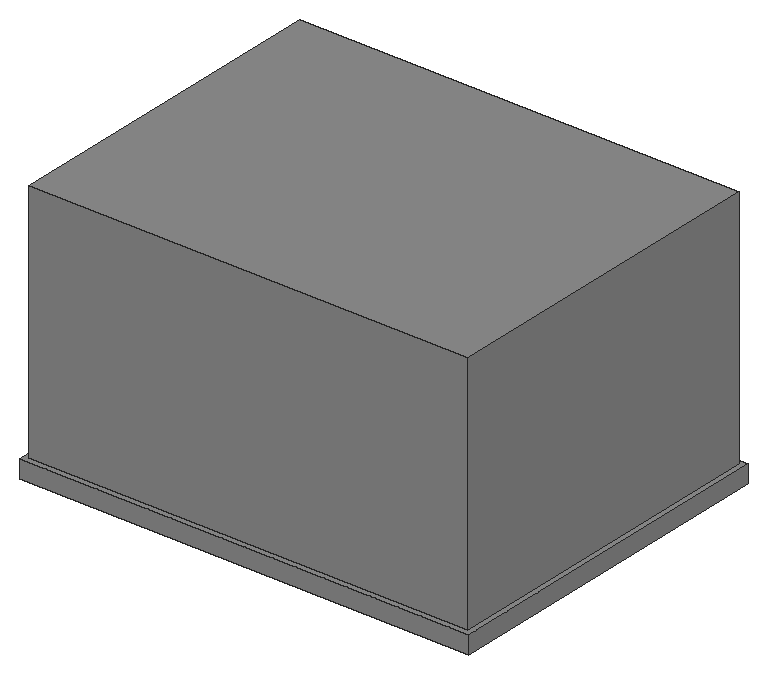
Revit family
Parameters (values of type "38AUD25")
  Wired Condenser Coil Grille [instance] = no
  Width = 5' - 7 1/8"
  Voltage = 0 V
  Version = 1
  Unit Material = Paint - Carrier - American Sterling Gray
  URL = "www.carrier.com"
  Type Comments = "20 Tons Air Cooled Condensing Unit"
  Temperature Control [instance] = no
  Suction Connection Size = 1 3/8"
  Suction Connection Radus = Suction Connection Size / 2  # 11/16"
  Special Coated Coil Protection [instance] = no
  Right Clearance = 3' - 0"
  Programmable Thermostat [instance] = no
  Model = "38AUD25"
  Manufacturer = "Carrier"  # constant formula
  MOCP = 0 A
  MCA = 0 A
  Louvered Hail Guard [instance] = no
  Liquid Connection Size = 1/2"
  Liquid Connection Radius = Liquid Connection Size / 2  # 1/4"
  Length = 7' - 2 3/8"
  Left Clearance = 3' - 0"
  IEER = 11.2
  Height = 4' - 2 3/8"
  Front Clearance = 3' - 6"
  Fan Radius = 1' - 1"
  Fan Centerline from Side = Fan Radius + 0' 4"  # 1' - 5"
  Fan Centerline from Front and Back = Fan Radius + 0' 2"  # 1' - 3"
  EER = 11
  Disconnect Switch [instance] = no
  Disclaimer = "Manufacturer reserves the right to change, at any time, specifications and designs without notice and without obligation.  Please verify critical parameters with local Carrier commercial sales office."  # constant formula
  Convenience Outlet [instance] = no
  Back Clearance = 3' - 0"
  Assembly Code = "D3030"
Reference planes (in)
  plane 1 "Center (Front/Back)": y = 0
  plane 2: z = 0
  plane 3 "Center (Left/Right)": x = 0
  plane 4 "Back Face of Base": y = 33.5625
  plane 5 "Front Face of Base": y = -33.5625
  plane 6 "Left Face of Base": x = -43.1875
  plane 7 "Right Face of Base": x = 43.1875
  plane 8 "Back Clearance Line": y = 69.5625
  plane 9 "Left Clearance Line": x = -79.1875
  plane 10 "Right Clearance Line": x = 79.1875
  plane 11 "Front Clearance Line": y = -75.5625
  plane 12 "Top of Unit": z = 50.375
  plane 13 "Bottom of Unit": z = 0
  plane 14 "Top of Base": z = 3.5
  plane 15 "Back Face of Unit": y = 32.5625
  plane 16 "Front Face of Unit": y = -32.5625
  plane 17 "Left Face of Unit": x = -42.1875
  plane 18 "Right Face of Unit": x = 42.1875
  plane 19 "Rear Fan Centerline": y = 17.5625
  plane 20 "Left Fan Centerline": x = -25.1875
  plane 21 "Right Fan Centerline": x = 25.1875
  plane 22 "Liquid and Section Connections - Front": y = -26.1875
  plane 23 "Suction Connection": z = 11.125
  plane 24 "Liquid Connection": z = 5.875
  plane 25 "Power Entry Centerline - Vertical": z = 29.125
  plane 26 "Convenience Outlet Centerline - Vertical": z = 17
  plane 27 "Power Entry Centerline - Horizontal": y = -28.8125
  plane 28 "Convenience Outlet Centerline - Horizontal": y = -28.0625
  plane 29 "Liquid and Section Connections - Rear": y = -20.0625
  plane 30 "Front Fan Centerline": y = -10.4375
  plane 31 "Fan Area Centerline": y = 3.5625
Forms (in)
  Extrusion 1, solid, material "Paint - Carrier - American Sterling Gray" <- "Unit Material"
    sketch origin (0, 0, 3.5) x (-1, 0, 0) y (0, -1, 0)
      loop
        line (42.1875, 32.5625) -> (-42.1875, 32.5625) -> (-42.1875, -32.5625) -> (42.1875, -32.5625) -> (42.1875, 32.5625)
    from 0 to 46.875
  Extrusion 2, solid, material "Paint - Carrier - American Sterling Gray" <- "Unit Material"
    sketch origin (0, 0, 0) x (-1, 0, 0) y (0, -1, 0)
      loop
        line (43.1875, 33.5625) -> (-43.1875, 33.5625) -> (-43.1875, -33.5625) -> (43.1875, -33.5625) -> (43.1875, 33.5625)
    from 0 to 3.5
  Extrusion 3, void
    sketch origin (-42.1875, 0, 0) x (0, 1, 0) y (0, 0, 1)
      loop
        circle (-28.8125, 29.125) r 0.75
    from 0 to 0.5
  Extrusion 4, solid, material "Paint - Carrier - American Sterling Gray"
    sketch origin (-42.1875, 0, 0) x (0, 1, 0) y (0, 0, 1)
      loop
        line (-26.8125, 15) -> (-26.8125, 19) -> (-29.3125, 19) -> (-29.3125, 15) -> (-26.8125, 15)
    from 0 to -0.0625
  Extrusion 5, solid, material "Paint - Carrier - American Sterling Gray", detail levels fine
    sketch origin (-42.1875, 0, 0) x (0, 1, 0) y (0, 0, 1)
      loop
        circle (-26.1875, 11.125) r 1
    from 0 to 0.5
  Extrusion 6, solid, material "Paint - Carrier - American Sterling Gray", detail levels fine
    sketch origin (-42.1875, 0, 0) x (0, 1, 0) y (0, 0, 1)
      loop
        circle (-20.0625, 11.125) r 1
    from 0 to -0.0625
  Extrusion 7, solid, material "Paint - Carrier - American Sterling Gray", detail levels fine
    sketch origin (-42.1875, 0, 0) x (0, 1, 0) y (0, 0, 1)
      loop
        circle (-20.0625, 5.875) r 0.75
    from 0 to 0.5
  Extrusion 8, solid, material "Paint - Carrier - American Sterling Gray", detail levels fine
    sketch origin (-42.1875, 0, 0) x (0, 1, 0) y (0, 0, 1)
      loop
        circle (-26.1875, 5.875) r 0.75
    from 0 to 0.5
Lines and regions (in)
  symbolic lines, style "Clearance Zones", detail levels fine
    curve 1: line (-79.1875, -75.5625, 0) -> (79.1875, -75.5625, 0)
    curve 2: line (-79.1875, 69.5625, 0) -> (-79.1875, -75.5625, 0)
    curve 3: line (79.1875, 69.5625, 0) -> (-79.1875, 69.5625, 0)
    curve 4: line (79.1875, -75.5625, 0) -> (79.1875, 69.5625, 0)
  model lines, detail levels medium+fine
    curve 5: line (-42.1875, -3.5625, 50.375) -> (-42.1875, -3.5625, 3.5)
    curve 6: line (-42.1875, -1.0625, 3.5) -> (-42.1875, -1.0625, 50.375)
    curve 7: line (16.3125, -32.5625, 3.5) -> (16.3125, -32.5625, 50.375)
    curve 8: line (-42.1875, -27.8125, 4.5) -> (-42.1875, -15.8125, 4.5)
    curve 9: line (-42.1875, -27.8125, 13) -> (-42.1875, -27.8125, 4.5)
    curve 10: line (-42.1875, -15.8125, 13) -> (-42.1875, -27.8125, 13)
    curve 11: line (-42.1875, -15.8125, 4.5) -> (-42.1875, -15.8125, 13)
    curve 12: line (1.8125, -32.5625, 50.375) -> (1.8125, -32.5625, 3.5)
    curve 13: line (13.8125, -32.5625, 50.375) -> (13.8125, -32.5625, 3.5)
    curve 14: line (-42.1875, -24.5625, 50.375) -> (42.1875, -24.5625, 50.375)
Dimensions and locks (in)
  equal spacing: plane 6 "Left Face of Base", plane 3 "Center (Left/Right)", plane 7 "Right Face of Base"
  "Length": plane 6 "Left Face of Base" to plane 7 "Right Face of Base"
  equal spacing: plane 4 "Back Face of Base", plane 1 "Center (Front/Back)", plane 5 "Front Face of Base"
  "Width": plane 4 "Back Face of Base" to plane 5 "Front Face of Base"
  "Left Clearance": plane 9 "Left Clearance Line" to plane 6 "Left Face of Base"
  "Right Clearance": plane 7 "Right Face of Base" to plane 10 "Right Clearance Line"
  "Back Clearance": plane 8 "Back Clearance Line" to plane 4 "Back Face of Base"
  "Front Clearance": plane 5 "Front Face of Base" to plane 11 "Front Clearance Line"
  "Height": plane 12 "Top of Unit" to level
  locked: plane 14 "Top of Base" to plane 13 "Bottom of Unit" at 3.5
  locked: plane 4 "Back Face of Base" to plane 15 "Back Face of Unit" at 1
  locked: plane 16 "Front Face of Unit" to plane 5 "Front Face of Base" at 1
  locked: plane 6 "Left Face of Base" to plane 17 "Left Face of Unit" at 1
  locked: plane 18 "Right Face of Unit" to plane 7 "Right Face of Base" at 1
  "Fan Centerline from Side": plane 17 "Left Face of Unit" to plane 20 "Left Fan Centerline"
  "Fan Centerline from Side": plane 21 "Right Fan Centerline" to plane 18 "Right Face of Unit"
  locked: curve 5 to plane 5 "Front Face of Base" at 30
  locked: curve 6 to curve 5 at 2.5
  locked: curve 8 to plane 14 "Top of Base" at 1
  locked: curve 10 to plane 13 "Bottom of Unit" at 13
  locked: plane 16 "Front Face of Unit" to curve 9 at 4.75
  locked: curve 9 to curve 11 at 12
  locked: plane 5 "Front Face of Base" to plane 22 "Liquid and Section Connections - Front" at 7.375
  locked: plane 24 "Liquid Connection" to plane 13 "Bottom of Unit" at 5.875
  locked: plane 23 "Suction Connection" to plane 13 "Bottom of Unit" at 11.125
  locked: plane 12 "Top of Unit" to plane 25 "Power Entry Centerline - Vertical" at 21.25
  locked: plane 26 "Convenience Outlet Centerline - Vertical" to plane 13 "Bottom of Unit" at 17
  locked: plane 27 "Power Entry Centerline - Horizontal" to plane 16 "Front Face of Unit" at 3.75
  locked: plane 28 "Convenience Outlet Centerline - Horizontal" to plane 16 "Front Face of Unit" at 4.5
  Extrusion 4 sketch curve to plane 28 "Convenience Outlet Centerline - Horizontal" to Extrusion 4 sketch curve = 0' - 1 1/4" locked, 0' - 1 1/4" locked
  Extrusion 4 sketch curve to plane 26 "Convenience Outlet Centerline - Vertical" to Extrusion 4 sketch curve = 0' - 2" locked, 0' - 2" locked
  locked: plane 22 "Liquid and Section Connections - Front" to plane 29 "Liquid and Section Connections - Rear" at 6.125
  locked: curve 12 to curve 13 at 12
  locked: curve 13 to curve 7 at 2.5
  locked: curve 12 to plane 17 "Left Face of Unit" at 44
  locked: curve 14 to plane 16 "Front Face of Unit" at 8
  locked: plane 31 "Fan Area Centerline" to plane 30 "Front Fan Centerline" at 14
  locked: plane 19 "Rear Fan Centerline" to plane 31 "Fan Area Centerline" at 14
  locked: plane 15 "Back Face of Unit" to plane 19 "Rear Fan Centerline" at 15
  radius of Extrusion 3 sketch curve = 0' - 0 3/4"
  radius of Extrusion 5 sketch curve = 0' - 1"
  radius of Extrusion 6 sketch curve = 0' - 1"
  radius of Extrusion 7 sketch curve = 0' - 0 3/4"
  radius of Extrusion 8 sketch curve = 0' - 0 3/4"
  aligned and locked: level to plane 2
  aligned and locked: plane 8 "Back Clearance Line" to curve 3
  aligned and locked: plane 10 "Right Clearance Line" to curve 4
  aligned and locked: curve 1 to plane 11 "Front Clearance Line"
  aligned and locked: curve 2 to plane 9 "Left Clearance Line"
  aligned and locked: level to plane 13 "Bottom of Unit"
  aligned and locked: plane 15 "Back Face of Unit" to Extrusion 1
  aligned and locked: plane 18 "Right Face of Unit" to Extrusion 1
  aligned and locked: Extrusion 1 to plane 16 "Front Face of Unit"
  aligned and locked: Extrusion 1 to plane 17 "Left Face of Unit"
  aligned and locked: Extrusion 1 to plane 14 "Top of Base"
  aligned and locked: plane 12 "Top of Unit" to Extrusion 1
  aligned and locked: Extrusion 2 to plane 6 "Left Face of Base"
  aligned and locked: plane 4 "Back Face of Base" to Extrusion 2
  aligned and locked: plane 7 "Right Face of Base" to Extrusion 2
  aligned and locked: Extrusion 2 to plane 5 "Front Face of Base"
  aligned and locked: Extrusion 2 to plane 13 "Bottom of Unit"
  aligned and locked: plane 14 "Top of Base" to Extrusion 2
  aligned and locked: plane 12 "Top of Unit" to curve 5
  aligned and locked: plane 14 "Top of Base" to curve 5
  aligned and locked: plane 12 "Top of Unit" to curve 6
  aligned and locked: plane 14 "Top of Base" to curve 6
  aligned and locked: plane 12 "Top of Unit" to curve 7
  aligned and locked: plane 14 "Top of Base" to curve 7
  aligned and locked: plane 25 "Power Entry Centerline - Vertical" to Extrusion 3 sketch curve
  aligned and locked: plane 27 "Power Entry Centerline - Horizontal" to Extrusion 3 sketch curve
  aligned and locked: plane 17 "Left Face of Unit" to Extrusion 4
  aligned and locked: plane 14 "Top of Base" to curve 13
  aligned and locked: plane 14 "Top of Base" to curve 12
  aligned and locked: plane 12 "Top of Unit" to curve 13
  aligned and locked: plane 12 "Top of Unit" to curve 12
  aligned and locked: plane 23 "Suction Connection" to Extrusion 5 sketch curve
  aligned and locked: plane 22 "Liquid and Section Connections - Front" to Extrusion 5 sketch curve
  aligned and locked: plane 29 "Liquid and Section Connections - Rear" to Extrusion 6 sketch curve
  aligned and locked: plane 23 "Suction Connection" to Extrusion 6 sketch curve
  aligned and locked: Extrusion 5 to plane 17 "Left Face of Unit"
  aligned and locked: Extrusion 3 to plane 17 "Left Face of Unit"
  aligned and locked: plane 24 "Liquid Connection" to Extrusion 7 sketch curve
  aligned and locked: plane 29 "Liquid and Section Connections - Rear" to Extrusion 7 sketch curve
  aligned and locked: Extrusion 7 to plane 17 "Left Face of Unit"
  aligned and locked: plane 22 "Liquid and Section Connections - Front" to Extrusion 8 sketch curve
  aligned and locked: plane 24 "Liquid Connection" to Extrusion 8 sketch curve
  aligned and locked: Extrusion 8 to plane 17 "Left Face of Unit"
  aligned and locked: plane 18 "Right Face of Unit" to curve 14
  aligned and locked: plane 17 "Left Face of Unit" to curve 14
  aligned and locked: plane 3 "Center (Left/Right)" to nested 2
  aligned and locked: plane 3 "Center (Left/Right)" to nested 3
  aligned and locked: plane 21 "Right Fan Centerline" to nested 4
  aligned and locked: plane 20 "Left Fan Centerline" to nested 1
  aligned and locked: nested 1 to plane 31 "Fan Area Centerline"
  aligned and locked: nested 4 to plane 31 "Fan Area Centerline"
  aligned and locked: nested 2 to plane 19 "Rear Fan Centerline"
  aligned and locked: nested 3 to plane 30 "Front Fan Centerline"
Automatic sketch dimensions
  Extrusion 1 sketch curve to plane 18 "Right Face of Unit" = 0' - 0"
  plane 17 "Left Face of Unit" to Extrusion 1 sketch curve = 0' - 0"
  Extrusion 1 sketch curve to plane 15 "Back Face of Unit" = 0' - 0"
  plane 16 "Front Face of Unit" to Extrusion 1 sketch curve = 0' - 0"
  plane 7 "Right Face of Base" to Extrusion 2 sketch curve = 0' - 0"
  Extrusion 2 sketch curve to plane 6 "Left Face of Base" = 0' - 0"
  plane 4 "Back Face of Base" to Extrusion 2 sketch curve = 0' - 0"
  Extrusion 2 sketch curve to plane 5 "Front Face of Base" = 0' - 0"
Nested families (in)
  nested 1: "Fan-Grill-Carrier" at (-25.1875, 3.5625, 50.375), built-in parameter 1001364 <- "Height", type "Fan-Grill-Carrier", detail levels medium+fine
  nested 2: "Fan-Grill-Carrier" at (0, 17.5625, 50.375), built-in parameter 1001364 <- "Height", type "Fan-Grill-Carrier", detail levels medium+fine
  nested 3: "Fan-Grill-Carrier" at (0, -10.4375, 50.375), built-in parameter 1001364 <- "Height", type "Fan-Grill-Carrier", detail levels medium+fine
  nested 4: "Fan-Grill-Carrier" at (25.1875, 3.5625, 50.375), built-in parameter 1001364 <- "Height", type "Fan-Grill-Carrier", detail levels medium+fine
Connectors (in)
  electrical at (-42.1875, -28.8125, 29.125)
    settings: on Extrusion 3, index 5, voltage 0 V, apparent load 0 VA, apparent load phase1 0 VA, apparent load phase2 0 VA, apparent load phase3 0 VA, power factor 1, load classification "Motor", number of poles 3, system type 30, power factor state 1, is connector primary yes, connector utility no, sub classification motor no, connector description "Primary Power"
  piping at (-42.1875, -26.1875, 5.875), driven by "Liquid Connection Radius"
    settings: on Extrusion 8, index 7, connector radius 1/4", flow factor 0, pipe flow 0 GPM, pressure drop 0.00 psi, fitting loss kfactor 0, connector angle 0.00°, fixture units 0, flow configuration 1, flow direction 2, fitting loss method 0, system type 22, connector reference index -1, connector utility 0, adjustable connector no, is connector primary yes, fitting loss table "", connector description "Front Liquid Connection"
  piping at (-42.1875, -26.1875, 11.125), driven by "Suction Connection Radus"
    settings: on Extrusion 5, index 8, connector radius 11/16", flow factor 0, pipe flow 0 GPM, pressure drop 0.00 psi, fitting loss kfactor 0, connector angle 0.00°, fixture units 0, flow configuration 1, flow direction 1, fitting loss method 0, system type 22, connector reference index -1, connector utility 0, adjustable connector no, is connector primary no, fitting loss table "", connector description "Front Suction Connection"
  piping at (-42.1875, -20.0625, 5.875), driven by "Liquid Connection Radius"
    settings: on Extrusion 7, index 9, connector radius 1/4", flow factor 0, pipe flow 0 GPM, pressure drop 0.00 psi, fitting loss kfactor 0, connector angle 0.00°, fixture units 0, flow configuration 1, flow direction 2, fitting loss method 0, system type 22, connector reference index -1, connector utility 0, adjustable connector no, is connector primary no, fitting loss table "", connector description "Rear Liquid Connection"
  piping at (-42.25, -20.0625, 11.125), driven by "Suction Connection Radus"
    settings: on Extrusion 6, index 10, connector radius 11/16", flow factor 0, pipe flow 0 GPM, pressure drop 0.00 psi, fitting loss kfactor 0, connector angle 0.00°, fixture units 0, flow configuration 1, flow direction 1, fitting loss method 0, system type 22, connector reference index -1, connector utility 0, adjustable connector no, is connector primary no, fitting loss table "", connector description "Rear Suction Connection"
Definition of nested family "Fan-Grill-Carrier"
  Parameters (values of type "OutdoorFan")
    Fan Radius = 0' - 11"
    Fan 3rd Circle Radius = Fan Radius * 0.75  # 0' - 8 1/4"
    Fan 2nd Circle Radius = Fan Radius * 0.5  # 0' - 5 1/2"
    Fan Inner Circle Radius = Fan Radius * 0.25  # 0' - 2 3/4"
    Assembly Code = ""
  Reference planes (in)
    plane 1 "Center (Front/Back)": y = 0
    plane 2: z = 0
    plane 3 "Center (Left/Right)": x = 0
  Lines and regions (in)
    model lines, style "Fan", detail levels medium+fine
      curve 1: circle (0, 0, 0) r 11 normal (0, 0, 1)
      curve 2: circle (0, 0, 0) r 5.5 normal (0, 0, 1)
      curve 3: circle (0, 0, 0) r 2.75 normal (0, 0, 1)
      curve 4: circle (0, 0, 0) r 8.25 normal (0, 0, 1)
  Dimensions and locks (in)
    "Fan Radius": radius of curve 1
    "Fan 3rd Circle Radius": radius of curve 4
    "Fan Inner Circle Radius": radius of curve 3
    "Fan 2nd Circle Radius": radius of curve 2
    aligned and locked: level to plane 2
  Automatic sketch dimensions
    curve 1 to curve 3 = 0' - 0"  (x2)
    curve 2 to curve 4 = 0' - 0"  (x2)
    curve 3 to curve 4 = 0' - 0"  (x2)
    plane 1 "Center (Front/Back)" to curve 2 = 0' - 0"
    curve 2 to plane 3 "Center (Left/Right)" = 0' - 0"
